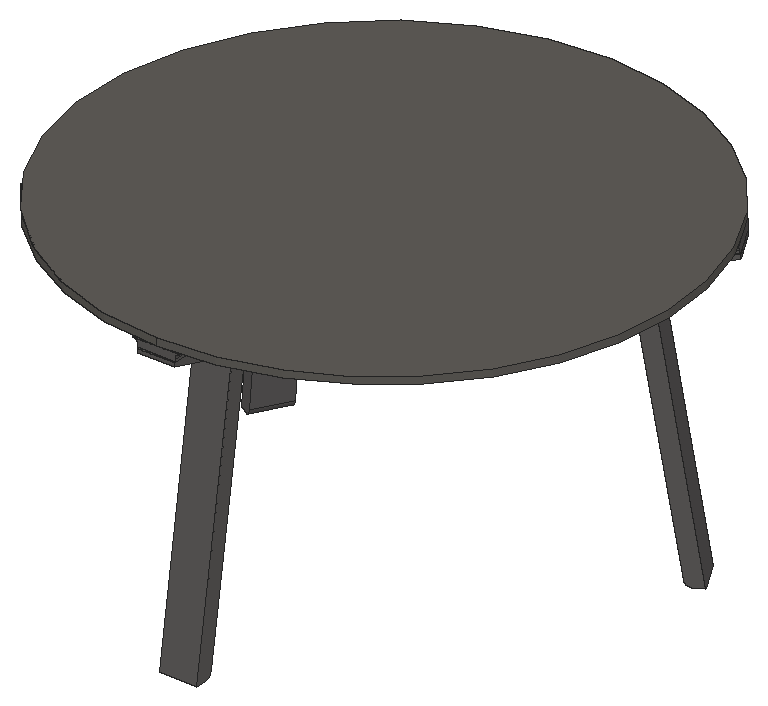
Revit family "Table-Teknion-PCMR_Mits_Round-R2019", category Furniture, Revit 2019
Family settings
  OmniClass Number = 23.40.20.00
  OmniClass Title = General Furniture and Specialties
  Work Plane-Based = No
  Always vertical = Yes
  Cut with Voids When Loaded = No
  Shared = Yes
  Room Calculation Point = No
Parameters (values of type "29" Height, 54" Diameter")
  Wood Base Finish [instance] = Wood - Teknion - PWD - Dark Stained Walnut
  Warranty = "https://d2r72yk5wmppdj.cloudfront.net/m/3754bc876d846fdf/StudioTK--"
  URL = "www.studiotk.com"
  To render please download texture images found here [instance] = "https://assets.teknion.com/web/5e81352c1dfdb467/revit-material-swatches/"
  Table Surface Finish [instance] = Wood - Teknion - POG - Dark Grey on Oak
  Sustainability Data = "http://www.studiotk.com/media-bank#&product=0524ff7f-1a93-4473-965e-dc951aa0d2e5,all&asset=444deb64-fe58-4b68-981e-f75e97781df7"
  Series = "Punt"  # constant formula
  Product Page URL = "https://www.studiotk.com/products/punt"
  Product Line = "Punt"  # constant formula
  Product Documentation Link = "https://assets.teknion.com/m/40906c6773388462/original/PUNT-Reference-Guide.pdf"
  Part Number = "PCMR"  # constant formula
  Model = "PCMR2954"
  Manufacturer Phone = "1-855-941-0262"  # constant formula
  Manufacturer Fax = "919-464-2927"  # constant formula
  Manufacturer Contact Information = "http://www.studiotk.com/contact-us"
  Manufacturer Address = "3940 US 70 Business HWY West, Clayton, NC 27520"  # constant formula
  Manufacturer = "StudioTK"  # constant formula
  Leg Width = 21.399"
  Inner Diameter = 45.228"
  How To Use Teknion Materials User Guide [instance] = "https://assets.teknion.com/m/205dd0a49fa58060/original/How-to-add-a-Material-Library-and-Texture-Images-to-your-Revit-project.pdf"
  For Additional Finishes please visit [instance] = "https://assets.teknion.com/m/44a8009b046e5d47/original/Teknion_Materials_Library.zip"
  Diameter = 54.000"
  Description = "Mitis Round Table, 29\" Height, 54\" Diameter"
  Assembly Code = "E2020200"
Types (4): name | Model | Leg Width | Inner Diameter | Diameter | Description
  (no name) | "PCMR2954" | 21.399" | 45.228" | 54.000" | "Mitis Round Table, 29\" Height, 54\" Diameter"
  29" Height, 42" Diameter | "PCMR2942" | 15.414" | 33.10268" | 42.000" | "Mitis Round Table, 29\" Height, 42\" Diameter"
  29" Height, 48" Diameter | "PCMR2948" | 18.399" | 39.228" | 48.000" | "Mitis Round Table, 29\" Height, 48\" Diameter"
  29" Height, 54" Diameter | "PCMR2954" | 21.399" | 45.228" | 54.000" | "Mitis Round Table, 29\" Height, 54\" Diameter"
Reference planes (in)
  plane 1 "Center Front/Back": y = -0.5009
  plane 2: z = 0
  plane 3 "Center Left/Right": x = 0.04754
  plane 4 "Left": x = -26.95246
  plane 5 "Right": x = 27.04754
  plane 6 "Back": y = 26.4991
  plane 7 "Front": y = -27.5009
  plane 8 "Top": z = 30.13779
  plane 9: z = 29.4685
  plane 10: y = -3.5168
  plane 11: through (-3.45749, -0.51566, 48) normal (-0.866, 0.5, 0)
  plane 12: through (1.78092, 2.55293, 48) normal (0.866, 0.5, 0)
  plane 13: z = 28.74015
Forms (in)
  Sweep 1, solid, material "Wood - Teknion - POG - Dark Grey on Oak" <- "Table Surface Finish"
    path origin (0, -0.5009, 0) x (1, 0, 0) y (0, 0, 1)
      loop
        line (0.04754, 30.13779) -> (0.04754, 29.4685)
    profile origin (0.04754, -0.5009, 29.80315) x (0, -1, 0) y (1, 0, 0)
      loop
        circle (0, 0) r 27
  Sweep 2, solid, material "Wood - Teknion - PWD - Dark Stained Walnut" <- "Wood Base Finish"
    path origin (0, -0.5009, 0) x (1, 0, 0) y (0, 0, 1)
      loop
        line (0.04754, 29.4685) -> (0.04754, 28.74015)
    profile origin (0.04754, -0.5009, 29.10433) x (0, -1, 0) y (1, 0, 0)
      loop
        circle (0, 0) r 22.614
  Sweep 3, solid, material "Wood - Teknion - PWD - Dark Stained Walnut" <- "Wood Base Finish"
    path origin (0, -0.5009, 0) x (1, 0, 0) y (0, 0, 1)
      loop
        line (0.04754, 26.06299) -> (0.04754, 28.74015)
    profile origin (0.04754, -0.5009, 27.40157) x (-1, 0, 0) y (0, -1, 0)
      loop
        line (-6.13762, -5.59662) -> (6.13762, -5.59662) -> (1.73338, -3.05383) -> (-1.73338, -3.05383) -> (-6.13762, -5.59662)
      loop
        line (1.77165, 8.10264) -> (1.77165, 3.01706) -> (3.50503, 0.01476) -> (7.90928, -2.52803) -> (1.77165, 8.10264)
      loop
        line (-1.77165, 8.10032) -> (-7.90727, -2.52687) -> (-3.50302, 0.01592) -> (-1.77165, 3.01474) -> (-1.77165, 8.10032)
Lines and regions (in)
  Masking region 1
    outline origin (0, 0, 0) x (1, 0, 0) y (0, 1, 0)
      loop
        circle (0.04754, -0.5009) r 27
  symbolic lines, style "FurnitureHiddenLines", detail levels medium+fine
    curve 1: arc (0.04754, 22.1131, 0) -> (-22.56646, -0.5009, 0) -> (0.04754, -23.1149, 0) r 22.614
    curve 2: arc (0.04754, -23.1149, 0) -> (22.66154, -0.5009, 0) -> (0.04754, 22.1131, 0) r 22.614
    curve 3: line (6.18517, 5.09572, 0) -> (-6.09008, 5.09572, 0)
    curve 4: line (1.78092, 2.55293, 0) -> (6.18517, 5.09572, 0)
    curve 5: line (-1.68583, 2.55293, 0) -> (1.78092, 2.55293, 0)
    curve 6: line (-6.09008, 5.09572, 0) -> (-1.68583, 2.55293, 0)
    curve 7: line (-1.72411, -3.51796, 0) -> (-3.45749, -0.51566, 0)
    curve 8: line (-3.45749, -0.51566, 0) -> (-7.86173, 2.02713, 0)
    curve 9: line (-7.86173, 2.02713, 0) -> (-1.72411, -8.60355, 0)
    curve 10: line (-1.72411, -8.60355, 0) -> (-1.72411, -3.51796, 0)
    curve 11: line (1.8192, -3.51564, 0) -> (1.8192, -8.60123, 0)
    curve 12: line (3.55057, -0.51682, 0) -> (1.8192, -3.51564, 0)
    curve 13: line (7.95481, 2.02597, 0) -> (3.55057, -0.51682, 0)
    curve 14: line (1.8192, -8.60123, 0) -> (7.95481, 2.02597, 0)
Dimensions and locks (in)
  "Diameter": plane 4 "Left" to plane 5 "Right"
  "Diameter": plane 6 "Back" to plane 7 "Front"
  locked: plane 8 "Top" to level at 30.13779
  equal spacing: plane 7 "Front", plane 1 "Center Front/Back", plane 6 "Back"
  equal spacing: plane 4 "Left", plane 3 "Center Left/Right", plane 5 "Right"
  plane 8 "Top" to plane 9 to plane 13 = 0.66929" locked, 0.72834" locked
  locked: plane 1 "Center Front/Back" to plane 10 at 3.0159
  locked: plane 11 to plane 3 "Center Left/Right" at 3.02806
  locked: plane 12 to plane 3 "Center Left/Right" at 3.02806
  Sweep 3 sketch curve to Sweep 3 sketch curve to Sweep 3 sketch curve to Sweep 3 sketch curve to Sweep 3 sketch curve to Sweep 3 sketch curve to plane 1 "Center Front/Back" to Sweep 3 sketch curve to Sweep 3 sketch curve to Sweep 3 sketch curve to Sweep 3 sketch curve to Sweep 3 sketch curve to Sweep 3 sketch curve = 0.00232" locked, 5.08327" locked, 0.00232" locked, 2.99882" locked, 0.00116" locked, 0.01476" locked, 2.52687" locked, 0.00116" locked, 0.5258" locked, 0.000" locked, 2.54279" locked, 0.000" locked
  Sweep 3 sketch curve to Sweep 3 sketch curve to Sweep 3 sketch curve to Sweep 3 sketch curve to Sweep 3 sketch curve to Sweep 3 sketch curve to plane 3 "Center Left/Right" to Sweep 3 sketch curve to Sweep 3 sketch curve to Sweep 3 sketch curve to Sweep 3 sketch curve to Sweep 3 sketch curve to Sweep 3 sketch curve = 1.77165" locked, 2.63259" locked, 1.73338" locked, 0.000" locked, 0.03828" locked, 1.73338" locked, 1.73338" locked, 0.03828" locked, 0.000" locked, 1.73137" locked, 2.6346" locked, 1.76964" locked
  locked: plane 13 to Sweep 3 sketch curve at 2.67717
  "Diameter": diameter of Sweep 1 sketch curve
  "Inner Diameter": diameter of Sweep 2 sketch curve
  locked: nested 2 to plane 1 "Center Front/Back" (angle 30.00°)
  locked: plane 1 "Center Front/Back" to nested 3 (angle 30.00°)
  aligned and locked: level to plane 2
  aligned and locked: plane 3 "Center Left/Right" to Sweep 1 sketch curve
  aligned and locked: plane 1 "Center Front/Back" to Sweep 1 sketch curve
  aligned and locked: plane 9 to Sweep 1 sketch curve
  aligned and locked: plane 8 "Top" to Sweep 1 sketch curve
  aligned and locked: plane 9 to Sweep 2 sketch curve
  aligned and locked: plane 3 "Center Left/Right" to Sweep 2 sketch curve
  aligned and locked: plane 1 "Center Front/Back" to Sweep 2 sketch curve
  aligned and locked: plane 10 to nested 1
  aligned and locked: nested 1 to plane 3 "Center Left/Right"
  aligned and locked: nested 2 to plane 11
  aligned and locked: plane 12 to nested 3
  aligned and locked: nested 1 to plane 2
  aligned and locked: Masking region 1 sketch curve to Sweep 1  (x2)
  aligned and locked: curve 1 to Sweep 2
  aligned and locked: curve 2 to Sweep 2
  aligned and locked: curve 3 to Sweep 3
  aligned and locked: curve 4 to Sweep 3
  aligned and locked: curve 5 to Sweep 3
  aligned and locked: curve 6 to Sweep 3
  aligned and locked: curve 7 to Sweep 3
  aligned and locked: curve 8 to Sweep 3
  aligned and locked: curve 9 to Sweep 3
  aligned and locked: curve 10 to Sweep 3
  aligned and locked: curve 11 to Sweep 3
  aligned and locked: curve 12 to Sweep 3
  aligned and locked: curve 13 to Sweep 3
  aligned and locked: curve 14 to Sweep 3
  aligned and locked: nested 2 to plane 2
  aligned and locked: level to nested 3
  aligned and locked: plane 13 to Sweep 3 sketch curve
Automatic sketch dimensions
  Sweep 1 sketch curve to plane 3 "Center Left/Right" = 0.000"
  Sweep 2 sketch curve to plane 3 "Center Left/Right" = 0.000"
  plane 9 to Sweep 2 sketch curve = 0.72834"
  Sweep 3 sketch curve to plane 3 "Center Left/Right" = 0.000"
Nested families (in)
  nested 1: "PCMR_Leg_Family" at (-0.02691, -16.38587, 0), Leg Width <- "Leg Width", Wood Base Finish <- "Wood Base Finish", type "PCMR_Leg_Family"
    with Wood Base Finish Wood - Teknion - PWD - Dark Stained Walnut, Leg Width 21.399"
  nested 2: "PCMR_Leg_Family" at (-13.67937, 7.51765, 0) x (-0.5, -0.866, 0) z (0, 0, 1), Leg Width <- "Leg Width", Wood Base Finish <- "Wood Base Finish", type "PCMR_Leg_Family"
    with Wood Base Finish Wood - Teknion - PWD - Dark Stained Walnut, Leg Width 21.399"
  nested 3: "PCMR_Leg_Family" at (13.77446, 7.51765, 0) x (0.5, -0.866, 0) z (0, 0, 1), Leg Width <- "Leg Width", Wood Base Finish <- "Wood Base Finish", type "PCMR_Leg_Family"
    with Wood Base Finish Wood - Teknion - PWD - Dark Stained Walnut, Leg Width 21.399"
Definition of nested family "PCMR_Leg_Family"
  Parameters (values of type "PCMR_Leg_Family")
    Wood Base Finish [instance] = none
    Warranty = "http://www.teknion.com/ca/papers/legal-canada"
    Unit Weight URL = "http://www.teknion.com/ca/tools/assets#&asset=bee6a381-b954-425e-8283-5a2de3a804f2,f828d448-4b62-4231-9e5f-9a8991c0ed77"
    URL = "www.teknion.com"
    Sustainability Data = "https://www.teknion.com/ca/tools/assets#&topic=216f99a5-57a0-44fc-b10a-9dee9b29ae4c&asset=444deb64-fe58-4b68-981e-f75e97781df7,b4ff2d81-9f2e-437d-9659-7cffb09c31cf"
    Series = ""
    Product Page URL = ""
    Product Line = ""
    Product Documentation Link = ""
    Part Number = ""
    Model = ""
    Manufacturer Phone = "416-661-3370"  # constant formula
    Manufacturer Fax = "416.661.4586"  # constant formula
    Manufacturer Contact Information = "http://www.teknion.com/ca/contactus"
    Manufacturer Address = "1150 Flint Road, Toronto, ON. M3J 2J5. Canada"  # constant formula
    Manufacturer = "Teknion"  # constant formula
    Leg Width [instance] = 15.414"
    Assembly Code = "E2020200"
  Reference planes (in)
    plane 1 "Center Front/Back": y = 5.16207
    plane 2: z = 0
    plane 3 "Center Left/Right": x = 0.07446
    plane 4 "Left": x = -1.6972
    plane 5 "Right": x = 1.84611
    plane 6 "Back": y = 12.86907
    plane 7 "Front": y = -2.54493
    plane 8 "Top": z = 28.74015
  Forms (in)
    Sweep 1, solid, material <- "Wood Base Finish"
      path origin (-0.35265, 10.01714, 0) x (-0.5, 0.866025, 0) y (-0.866025, -0.5, 0)
        loop
          line (-5.79659, 0.80775) -> (-4.02493, 3.87635)
      profile origin (0.07446, 4.59327, 0) x (0, -1, 0) y (0, 0, 1)
        loop
          line (1.4158, 26.06299) -> (5.44383, 0.63101)
          arc (5.44383, 0.63101) -> (5.69685, 0.17922) -> (6.18265, 0) r 0.74803
          line (6.18265, 0) -> (7.13821, 0) -> (3.01024, 26.06299) -> (1.4158, 26.06299)
    Sweep 2, solid, material <- "Wood Base Finish"
      path origin (0, 0, 0) x (1, 0, 0) y (0, 1, 0)
        loop
          line (1.84611, 7.91207) -> (-1.6972, 7.91207)
      profile origin (0.07446, 7.91207, 0) x (0, -1, 0) y (0, 0, 1)
        loop
          line (-4.957, 26.06299) -> (6.32903, 26.06299)
          arc (6.32903, 26.06299) -> (6.46999, 26.27128) -> (6.67828, 26.41224) r 0.6644
          line (6.67828, 26.41224) -> (13.02722, 28.26528) -> (13.02722, 28.62204) -> (12.23556, 28.62204) -> (12.23556, 28.74015) -> (-4.957, 28.74015) -> (-4.957, 26.06299)
    Sweep 3, solid, material <- "Wood Base Finish"
      path origin (0, 0, 0) x (1, 0, 0) y (0, 1, 0)
        loop
          line (-2.16964, -2.54493) -> (2.31855, -2.54493)
      profile origin (0.07446, -2.54493, 0) x (0, 1, 0) y (0, 0, 1)
        loop
          line (-2.55404, 28.74015) -> (1.84781, 28.74015) -> (1.84781, 29.4685) -> (-2.55404, 29.4685) -> (-2.55404, 28.74015)
    Sweep 4, void
      path origin (0, 0, 0) x (1, 0, 0) y (0, 1, 0)
        loop
          line (0.07446, -6.04493) -> (0.07446, 0.70507)
      profile origin (0.07446, -2.66993, 0) x (-1, 0, 0) y (0, 0, 1)
        loop
          arc (2.24409, 29.4685) -> (1.91003, 29.33012) -> (1.77165, 28.99606) r 0.47244
          line (1.77165, 28.99606) -> (1.77165, 28.74015) -> (2.24409, 28.74015) -> (2.24409, 29.4685)
        loop
          arc (-1.77165, 28.99606) -> (-1.91003, 29.33012) -> (-2.24409, 29.4685) r 0.47244
          line (-2.24409, 29.4685) -> (-2.24409, 28.74015) -> (-1.77165, 28.74015) -> (-1.77165, 28.99606)
  Cuts and joins
    Sweep 4 cuts Sweep 3
  Lines and regions (in)
    symbolic lines, detail levels medium+fine
      curve 1: line (-1.6972, 12.86907, 0) -> (-1.6972, -5.11516, 0)
      curve 2: line (1.84611, 12.86907, 0) -> (1.84611, -5.11516, 0)
      curve 3: line (-1.6972, 12.86907, 0) -> (1.84611, 12.86907, 0)
      curve 4: line (-1.6972, -5.11516, 0) -> (1.84611, -5.11516, 0)
      curve 9: line (2.31855, -0.69712, 0) -> (-2.16964, -0.69712, 0)
      curve 10: line (2.31855, -5.09897, 0) -> (2.31855, -0.69712, 0)
      curve 11: line (-2.16964, -5.09897, 0) -> (2.31855, -5.09897, 0)
      curve 12: line (-2.16964, -0.69712, 0) -> (-2.16964, -5.09897, 0)
    symbolic lines, detail levels fine
      curve 5: line (-1.6972, 3.17747, 0) -> (1.84611, 3.17747, 0)
      curve 6: line (1.84611, 1.58304, 0) -> (-1.6972, 1.58304, 0)
      curve 7: line (-1.6972, 1.23379, 0) -> (1.84611, 1.23379, 0)
      curve 8: line (-1.6972, -4.32349, 0) -> (1.84611, -4.32349, 0)
  Dimensions and locks (in)
    equal spacing: plane 4 "Left", plane 3 "Center Left/Right", plane 5 "Right", locked at 1.77165 each
    plane 6 "Back" to plane 7 "Front" = 15.414"
    locked: plane 8 "Top" to level at 28.74015
    Sweep 1 sketch curve to plane 7 "Front" to Sweep 1 sketch curve to Sweep 1 sketch curve to Sweep 1 sketch curve = 0.000" locked, 0.95556" locked, 3.17241" locked, 1.59443" locked
    Sweep 1 sketch curve to level to Sweep 1 sketch curve to Sweep 1 sketch curve = 0.000" locked, 0.74803" locked, 25.31496" locked
    equal spacing: plane 6 "Back", plane 1 "Center Front/Back", plane 7 "Front"
    "Leg Width": plane 6 "Back" to plane 7 "Front"
    Sweep 2 sketch curve to plane 7 "Front" to Sweep 2 sketch curve to Sweep 2 sketch curve = 3.5172" locked, 1.77856" locked, 0.79167" locked
    Sweep 2 sketch curve to Sweep 2 sketch curve to Sweep 2 sketch curve to Sweep 2 sketch curve to level = 0.35676" locked, 2.20229" locked, 0.26152" locked, 25.80147" locked
    Sweep 3 sketch curve to plane 3 "Center Left/Right" to Sweep 3 sketch curve = 2.24409" locked, 2.24409" locked
    Sweep 3 sketch curve to plane 7 "Front" to Sweep 3 sketch curve = 1.84781" locked, 2.55404" locked
    locked: Sweep 3 sketch curve to plane 8 "Top" at 0.72834
    Sweep 4 sketch curve to plane 7 "Front" to Sweep 4 sketch curve = 3.500" locked, 3.250" locked
    plane 4 "Left" to Sweep 4 sketch curve to Sweep 4 sketch curve = 0.47244" locked, 0.000" locked
    plane 5 "Right" to Sweep 4 sketch curve to Sweep 4 sketch curve = 0.47244" locked, 0.000" locked
    Sweep 4 sketch curve to Sweep 4 sketch curve to plane 8 "Top" = 0.000" locked, 0.2559" locked
    aligned and locked: level to plane 2
    aligned and locked: Sweep 2 sketch curve to plane 6 "Back"
    aligned and locked: plane 4 "Left" to Sweep 2 sketch curve
    aligned and locked: plane 5 "Right" to Sweep 2 sketch curve
    aligned and locked: plane 4 "Left" to Sweep 1 sketch curve
    aligned and locked: plane 5 "Right" to Sweep 1 sketch curve
    aligned and locked: plane 8 "Top" to Sweep 3 sketch curve
    aligned and locked: plane 8 "Top" to Sweep 4 sketch curve  (x2)
    aligned and locked: Sweep 4 sketch curve to plane 5 "Right"
    aligned and locked: plane 4 "Left" to Sweep 4 sketch curve
    aligned and locked: plane 3 "Center Left/Right" to Sweep 4 sketch curve
    aligned and locked: curve 1 to plane 4 "Left"
    aligned and locked: plane 5 "Right" to curve 2
    aligned and locked: curve 3 to plane 6 "Back"
    aligned and locked: curve 4 to Sweep 2
    aligned and locked: curve 5 to Sweep 1
    aligned and locked: curve 6 to Sweep 2
    aligned and locked: curve 7 to Sweep 2
    aligned and locked: curve 8 to Sweep 2
    aligned and locked: curve 9 to cut or joined group of Sweep 3, Sweep 4
    aligned and locked: curve 10 to cut or joined group of Sweep 3, Sweep 4
    aligned and locked: curve 11 to cut or joined group of Sweep 3, Sweep 4
    aligned and locked: curve 12 to cut or joined group of Sweep 3, Sweep 4
  Automatic sketch dimensions
    plane 1 "Center Front/Back" to Sweep 1 sketch curve = 0.56879"
    Sweep 1 sketch curve to Sweep 1 sketch curve = 1.77165"
    profile plane to Sweep 1 sketch curve = 0.63101"
    Sweep 2 sketch curve to plane 1 "Center Front/Back" = 2.750"
    Sweep 2 sketch curve to Sweep 2 sketch curve = 2.67717"
    Sweep 2 sketch curve to Sweep 2 sketch curve = 0.61077"
    Sweep 2 sketch curve to Sweep 2 sketch curve = 0.34925"
    plane 7 "Front" to Sweep 3 sketch curve = 0.000"
